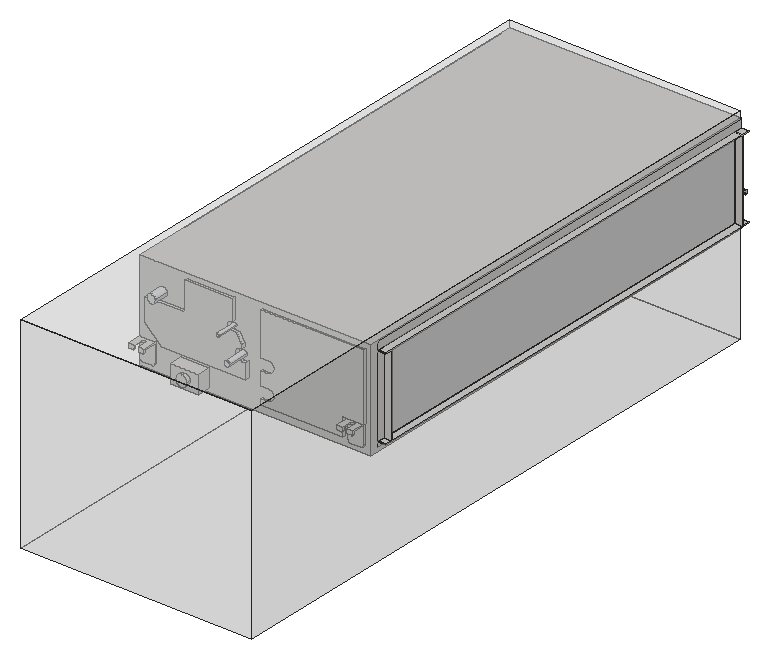
Revit family "outputfile", category 機械設備, Revit 2024
Family settings
  丸型コネクタ寸法 = 半径を使用
  パーツ タイプ = 標準
  OmniClass 番号 = 23.75.10.24.21.27.27
  OmniClass タイトル = Split System Air Conditioning Units
  作業面ベース = いいえ
  常に垂直 = はい
  ロード時にボイドで切り取り = いいえ
  注釈の向きを維持 = いいえ
  共有 = いいえ
  部屋計算ポイント = はい
Parameters (values of type "FXMQ100PAVE")
  Description = ""
  製造元 = "Daikin"
  書き出し IFC クラス(タイプ) = "IfcUnitaryEquipmentType"
  定義済み IFC タイプ(タイプ) = "AIRCONDITIONINGUNIT"
  Cost = 0
  モデル = "FXMQ100PAVE"
  Type Comments = ""
  Keynote = ""
  Type Image = (empty or 0)
  Assembly Code = ""
  r_Liquid Pipe Size = Liquid Pipe Size / 2  # 4.75 mm
  r_Gas Pipe Size = Gas Pipe Size / 2  # 7.95 mm
  r_Drain Pipe Size = Drain Pipe Size / 2  # 12.5 mm
  lw_power = 396.0 mm  # constant formula
  lh_SA = 165.0 mm  # constant formula
  lw_SA = if(Depth = 550.0 mm, 210.0 mm, if(Depth = 700.0 mm, 285.0 mm, if(Depth = 1000.0 mm, 435.0 mm, 635.0 mm)))  # 635.0 mm
  lw_RA = if(Depth = 550.0 mm, 288.0 mm, if(Depth = 700.0 mm, 363.0 mm, if(Depth = 1000.0 mm, 513.0 mm, 713.0 mm)))  # 713.0 mm
  lh_power = 60.0 mm + [h***]  # 60.0 mm
  lh_mountinghole1 = lh_mountinghole + [h***]  # 80.0 mm
  lh_RA = 150.0 mm  # constant formula
  ld_power = Depth / 2  # 700.0 mm
  Voltage_comment_60Hz = "220"
  Voltage_comment_50Hz = "220-240"
  Voltage_60Hz = 220 V
  Voltage_50Hz = 220 V
  URL = ""
  Supply Air Direction [instance] = yes
  Sound Power Level_H speed (dB) = 61
  Phase_60Hz = 1
  Phase_50Hz = 1
  Minimum External Static Pressure = 50.00 Pa
  Minimum Circuit Amps_60Hz = 2.9 A
  Minimum Circuit Amps_50Hz = 2.9 A
  Maximum Fuse Amps_60Hz = 16.0 A
  Maximum Fuse Amps_50Hz = 16.0 A
  Maximum External Static Pressure = 200.00 Pa
  Material_Casing = DAIKIN_GalvanizedSteel_Casing_indoorunit
  lw_mountinghole = 631.0 mm  # constant formula
  lh_gaspipe = 144.0 mm + [h***]  # 144.0 mm
  lh_mountinghole = 80.0 mm  # constant formula
  lh_liquidpipe = 212.0 mm + [h***]  # 212.0 mm
  lh_drainpipe = 232.0 mm + [h***]  # 232.0 mm
  lh_antena = Height - lh_mountinghole + 1.0 mm  # 221.0 mm
  ld_drainpipe = Depth / 2 + 54.0 mm  # 754.0 mm
  ld_liquidpipe = 765.0 mm
  ld_gaspipe = 765.0 mm
  ld_mountinghole = Depth + 38.0 mm  # 1438.0 mm
  h*** = 0.0 mm  # constant formula
  lw_liquidpipe = 290.0 mm  # constant formula
  lw_gaspipe = 318.0 mm  # constant formula
  lw_drainpipe = 80.0 mm  # constant formula
  Width = 700.0 mm
  Version = "ver.1.0"
  Unit Type = "Middle-High Static Pressure Duct Type"
  Unit Mass Weight = 45.00 kg
  Unit Designation [instance] = ""
  Uniclass2015Version = "Products v1.30"
  Uniclass2015Title = "Variable refrigerant flow units"
  Uniclass2015Code = "Pr_70_65_03_94"
  Total Heating Capacity [instance] = 0.000 kW
  Total Cooling Capacity [instance] = 0.000 kW
  Sound Pressure Level_M speed (dBA) = 0
  Sound Pressure Level_L speed (dBA) = 39
  Sound Pressure Level_H speed (dBA) = 43
  Series = "VRV Fan Coil Unit"
  Sensible Cooling Capacity [instance] = 0.000 kW
  SA Duct Size Width = if(Depth = 550.0 mm, 310.0 mm, if(Depth = 700.0 mm, 460.0 mm, if(Depth = 1000.0 mm, 760.0 mm, 1160.0 mm)))  # 1160.0 mm
  SA Duct Size Height = 215.0 mm
  Refrigerant Type = "R410A"
  RA Duct Size Width = if(Depth = 550.0 mm, 475.0 mm, if(Depth = 700.0 mm, 625.0 mm, if(Depth = 1000.0 mm, 925.0 mm, 1325.0 mm)))  # 1325.0 mm
  RA Duct Size Height = 247.0 mm
  Power Input (Heating) = 0.364 kW
  Power Input (Cooling) = 0.376 kW
  Option Accessory 3 [instance] = ""
  Option Accessory 2 [instance] = ""
  Option Accessory 1 [instance] = ""
  Nominal Heating Capacity = 12.500 kW
  Nominal Cooling Capacity = 11.200 kW
  Minimum Airflow = 1380.00 m³/h
  Median Airflow = 1620.00 m³/h
  Maximum Airflow = 1920.00 m³/h
  Load Classification = HVAC
  Liquid Pipe Size = 9.5 mm
  Link_Nested Family [instance] = ""
  IfcVersion = "0"
  IfcExportType = "AIRCONDITIONINGUNIT"
  IfcExportAs = "IfcUnitaryEquipmentType"
  Height = 300.0 mm
  Heating Entering Wet Bulb Temperature [instance] = 0.00 °C
  Heating Entering Dry Bulb Temperature [instance] = 0.00 °C
  Heating Ambient Wet Bulb Temperature [instance] = 0.00 °C
  Heating Ambient Dry Bulb Temperature [instance] = 0.00 °C
  Heat Exchanger Type = "Cross Fin Coil"
  Gas Pipe Size = 15.9 mm
  Frequency_60Hz = 60 Hz
  Frequency_50Hz = 50 Hz
  Fan Type = "Sirocco Fan"
  Fan Drive = "Direct Drive"
  FCU Tag No. [instance] = ""
  Drain Pipe Size = 25.0 mm
  Design Supply Airflow [instance] = 0.00 m³/h
  Design Return Airflow [instance] = 0.00 m³/h
  Design External Static Pressure [instance] = 0.00 Pa
  Depth = 1400.0 mm
  既定の高さ = 0.0 mm
  Cooling Entering Wet Bulb Temperature [instance] = 0.00 °C
  Cooling Entering Dry Bulb Temperature [instance] = 0.00 °C
  Cooling Ambient Wet Bulb Temperature [instance] = 0.00 °C
  Cooling Ambient Dry Bulb Temperature [instance] = 0.00 °C
  Clearance visibility [instance] = yes
  Clearance Top = 20.0 mm
  Clearance Right = 0.0 mm
  Clearance Rear = 0.0 mm
  Clearance Left = 0.0 mm
  Clearance Front = 450.0 mm
  Clearance Bottom = 300.0 mm
Reference planes
  plane 1 "Center (Front/Back)": y = 0
  plane 2 "h": z = 0
  plane 3 "Center (Left/Right)": x = 0
  plane 4 "Back": y = 700
  plane 5 "Front": y = -700
  plane 6 "Left": x = -350
  plane 7 "Reight": x = 350
  plane 8 "Top": z = 0
  plane 9 "Bottom": z = -300
  plane 10: y = -215
  plane 11: y = 700
  plane 12: y = -1150
  plane 13: x = -350
  plane 14: x = 350
  plane 15: z = 20
  plane 16: z = -600
  plane 17: x = -350
  plane 18: z = -135
  plane 19: x = -349
  plane 20: x = 349
  plane 21: y = 65
  plane 22: y = 13
  plane 23: z = -150
  plane 24: y = -710.8
  plane 25: z = -14
  plane 26: z = -219
  plane 27: x = -324
  plane 28: x = -60
  plane 29: x = -20
  plane 30: z = -156
  plane 31: x = -32
  plane 32: z = -88
  plane 33: x = 23
  plane 34: x = 335
  plane 35: z = -15.8
  plane 36: z = -274.8
  plane 37: z = -219.8
  plane 38: x = 271
  plane 39: x = -223.3
  plane 40: x = -138.3
  plane 41: z = -232.7
  plane 42: z = -288.5
  plane 43: y = -741
  plane 44: x = -181
  plane 45: z = -260
  plane 46: y = -751
  plane 47: z = -163.8
  plane 48: z = -239.8
  plane 49: x = 46
  plane 50: z = -88
  plane 51: x = -60
  plane 52: y = -765
  plane 53: z = -156
  plane 54: x = -32
  plane 55: y = -754
  plane 56: z = -68
  plane 57: x = -270
  plane 58: x = -270
  plane 59: x = -60
  plane 60: x = -32
  plane 61: x = 46
  plane 62: x = -323
  plane 63: x = 308
  plane 64: y = -719
  plane 65: y = 719
  plane 66: z = -220
  plane 67: y = -706
  plane 68: x = -204
  plane 69: z = -100.2
  plane 70: x = -374
  plane 71: x = 374
Forms (mm)
  Extrusion 1, solid, material "DAIKIN_GalvanizedSteel_Casing_indoorunit" <- "Material_Casing"
    sketch origin (0, 0, 0) x (1, 0, 0) y (0, 1, 0)
      loop
        line (-349, 700) -> (-349, -700) -> (349, -700) -> (349, 700) -> (-349, 700)
    from -300 to 0
  Extrusion 2, solid, material "DAIKIN_GalvanizedSteel_Casing_indoorunit" <- "Material_Casing"
    sketch origin (0, 0, 0) x (1, 0, 0) y (0, 0, 1)
      loop
        line (-324, -100.2) -> (-324, -168) -> (-273, -219) -> (-20, -219) -> (-20, -173.5) -> (-32, -173.5)
        arc (-32, -173.5) -> (-49.5, -156) -> (-32, -138.5) r 17.5
        line (-32, -138.5) -> (-32, -127.5) -> (-47, -101) -> (-60, -101)
        arc (-60, -101) -> (-73, -88) -> (-60, -75) r 13
        line (-60, -75) -> (-60, -14) -> (-204, -14) -> (-204, -100.2) -> (-324, -100.2)
    from 700 to 710.8
  Extrusion 3, solid, material "DAIKIN_GalvanizedSteel_Casing_indoorunit" <- "Material_Casing"
    sketch origin (0, 0, 0) x (1, 0, 0) y (0, 0, 1)
      loop
        line (23, -274.8) -> (271, -274.8) -> (271, -219.8) -> (335, -219.8) -> (335, -15.8) -> (23, -15.8) -> (23, -146.3) -> (46, -146.3)
        arc (46, -146.3) -> (63.5, -163.8) -> (46, -181.3) r 17.5
        line (46, -181.3) -> (23, -181.3) -> (23, -222.3) -> (46, -222.3)
        arc (46, -222.3) -> (63.5, -239.8) -> (46, -257.3) r 17.5
        line (46, -257.3) -> (23, -257.3) -> (23, -274.8)
    from 700 to 706
  Extrusion 4, solid, material "DAIKIN_GalvanizedSteel_Casing_indoorunit" <- "Material_Casing"
    sketch origin (0, 0, 0) x (1, 0, 0) y (0, 0, 1)
      loop
        line (-223.3, -232.7) -> (-223.3, -288.5) -> (-138.3, -288.5) -> (-138.3, -232.7) -> (-223.3, -232.7)
    from 700 to 741
  Extrusion 5, solid, material "DAIKIN_GalvanizedSteel_Casing_indoorunit" <- "Material_Casing"
    sketch origin (0, 0, 0) x (1, 0, 0) y (0, 0, 1)
      loop
        circle (-181, -260) r 16.5
    from 741 to 751
  Extrusion 6, solid
    sketch origin (0, 0, 0) x (1, 0, 0) y (0, 0, 1)
      loop
        circle (-60, -88) r 4.75
    from 700 to 765
  Extrusion 7, solid
    sketch origin (0, 0, 0) x (1, 0, 0) y (0, 0, 1)
      loop
        circle (-32, -156) r 7.95
    from 700 to 765
  Extrusion 8, solid
    sketch origin (0, 0, 0) x (1, 0, 0) y (0, 0, 1)
      loop
        circle (-270, -68) r 12.5
    from 710.8 to 754
Dimensions and locks
  "Height": plane 8 "Top" to plane 9 "Bottom"
  equal spacing: plane 4 "Back", plane 1 "Center (Front/Back)", plane 5 "Front"
  "Depth": plane 4 "Back" to plane 5 "Front"
  equal spacing: plane 6 "Left", plane 3 "Center (Left/Right)", plane 7 "Reight"
  "Width": plane 6 "Left" to plane 7 "Reight"
  "Clearance Left": plane 13 to plane 6 "Left"
  "Clearance Right": plane 7 "Reight" to plane 14
  "Clearance Rear": plane 11 to plane 4 "Back"
  "Clearance Front": plane 5 "Front" to plane 12
  "Clearance Top": plane 15 to plane 8 "Top"
  "Clearance Bottom": plane 9 "Bottom" to plane 16
  "lh_SA": plane 18 to plane 9 "Bottom"
  locked: plane 17 to plane 19 at 1
  locked: plane 20 to plane 14 at 1
  "lw_SA": plane 11 to plane 21
  "lw_RA": plane 22 to plane 5 "Front"
  "lh_RA": plane 23 to plane 9 "Bottom"
  locked: plane 5 "Front" to plane 24 at 10.8
  plane 29 to plane 28 to plane 27 to plane 6 "Left" = 40.0 mm, 264.0 mm, 26.0 mm
  locked: plane 31 to plane 6 "Left" at 318
  plane 34 to plane 33 to plane 6 "Left" = 312.0 mm locked, 373.0 mm locked
  locked: plane 34 to plane 38 at 64
  locked: plane 37 to plane 36 at 55
  plane 40 to plane 39 to plane 6 "Left" = 85.0 mm locked, 126.7 mm locked
  locked: plane 5 "Front" to plane 43 at 41
  locked: plane 44 to plane 6 "Left" at 169
  locked: plane 43 to plane 46 at 10
  plane 47 to plane 48 to plane 36 = 76.0 mm locked, 35.0 mm locked
  locked: plane 49 to plane 33 at 23
  "lw_liquidpipe": plane 51 to plane 6 "Left"
  "lh_liquidpipe": plane 50 to plane 9 "Bottom"
  "lh_gaspipe": plane 53 to plane 9 "Bottom"
  "lw_gaspipe": plane 54 to plane 6 "Left"
  "ld_gaspipe": plane 52 to plane 1 "Center (Front/Back)"
  "ld_drainpipe": plane 55 to plane 1 "Center (Front/Back)"
  "lh_drainpipe": plane 56 to plane 9 "Bottom"
  "lw_drainpipe": plane 57 to plane 6 "Left"
  "lw_drainpipe": plane 6 "Left" to plane 58
  "lw_liquidpipe": plane 6 "Left" to plane 59
  "lw_gaspipe": plane 6 "Left" to plane 60
  "lw_power": plane 6 "Left" to plane 61
  plane 17 to plane 62 = 27.0 mm
  "lw_mountinghole": plane 62 to plane 63
  equal spacing: plane 64, plane 1 "Center (Front/Back)", plane 65
  "ld_mountinghole": plane 65 to plane 64
  "lh_mountinghole": plane 66 to plane 9 "Bottom"
  plane 8 "Top" to plane 41 to plane 42 = 232.7 mm locked, 55.8 mm locked
  locked: plane 8 "Top" to plane 45 at 260
  plane 8 "Top" to plane 25 to plane 26 = 14.0 mm locked, 205.0 mm locked
  plane 8 "Top" to plane 32 to plane 30 = 88.0 mm locked, 68.0 mm locked
  plane 8 "Top" to plane 35 to plane 36 = 15.8 mm locked, 259.0 mm locked
  locked: plane 5 "Front" to plane 67 at 6
  locked: plane 25 to plane 69 at 86.2
  locked: plane 27 to plane 68 at 120
  locked: plane 70 to plane 6 "Left" at 24
  locked: plane 14 to plane 71 at 24
  "r_Liquid Pipe Size": radius of Extrusion 6 sketch curve
  "r_Gas Pipe Size": radius of Extrusion 7 sketch curve
  "r_Drain Pipe Size": radius of Extrusion 8 sketch curve
  aligned and locked: level to plane 2 "h"
  aligned and locked: plane 8 "Top" to Extrusion 1
  aligned and locked: Extrusion 1 to plane 9 "Bottom"
  aligned and locked: nested 5 to plane 12
  aligned and locked: plane 13 to nested 5
  aligned and locked: plane 14 to nested 5
  aligned and locked: nested 5 to plane 13
  aligned and locked: plane 11 to nested 5
  aligned and locked: plane 15 to nested 5
  aligned and locked: plane 16 to nested 5
  aligned and locked: plane 5 "Front" to Extrusion 1 sketch curve
  aligned and locked: Extrusion 1 to plane 19
  aligned and locked: plane 20 to Extrusion 1
  aligned and locked: nested 7 to plane 19
  aligned and locked: nested 7 to plane 21
  aligned and locked: plane 18 to nested 7
  aligned and locked: plane 20 to nested 8
  aligned and locked: plane 22 to nested 8
  aligned and locked: plane 23 to nested 8
  aligned and locked: Extrusion 2 to plane 24
  aligned and locked: plane 5 "Front" to Extrusion 2
  aligned and locked: plane 36 to Extrusion 3 sketch curve
  aligned and locked: plane 38 to Extrusion 3 sketch curve
  aligned and locked: plane 37 to Extrusion 3 sketch curve
  aligned and locked: Extrusion 3 sketch curve to plane 34
  aligned and locked: Extrusion 3 sketch curve to plane 35
  aligned and locked: Extrusion 3 sketch curve to plane 33
  aligned and locked: plane 5 "Front" to Extrusion 3
  aligned and locked: Extrusion 4 sketch curve to plane 41
  aligned and locked: Extrusion 4 sketch curve to plane 39
  aligned and locked: plane 42 to Extrusion 4 sketch curve
  aligned and locked: plane 40 to Extrusion 4 sketch curve
  aligned and locked: Extrusion 4 to plane 43
  aligned and locked: plane 5 "Front" to Extrusion 4
  aligned and locked: Extrusion 5 sketch curve to plane 44
  aligned and locked: plane 45 to Extrusion 5 sketch curve
  aligned and locked: Extrusion 5 to plane 46
  aligned and locked: plane 43 to Extrusion 5
  aligned and locked: Extrusion 6 sketch curve to plane 51
  aligned and locked: plane 50 to Extrusion 6 sketch curve
  aligned and locked: Extrusion 6 to plane 52
  aligned and locked: plane 5 "Front" to Extrusion 6
  aligned and locked: Extrusion 7 sketch curve to plane 54
  aligned and locked: plane 53 to Extrusion 7 sketch curve
  aligned and locked: Extrusion 7 to Extrusion 6
  aligned and locked: plane 5 "Front" to Extrusion 7
  aligned and locked: Extrusion 8 sketch curve to plane 57
  aligned and locked: plane 56 to Extrusion 8 sketch curve
  aligned and locked: Extrusion 8 to plane 55
  aligned and locked: plane 24 to Extrusion 8
  aligned and locked: nested 3 to plane 55
  aligned and locked: nested 3 to plane 58
  aligned and locked: nested 2 to plane 59
  aligned and locked: nested 2 to plane 52
  aligned and locked: nested 1 to plane 60
  aligned and locked: Extrusion 7 to plane 52
  aligned and locked: nested 1 to plane 52
  aligned and locked: nested 6 to plane 5 "Front"
  aligned and locked: nested 6 to plane 61
  aligned and locked: plane 62 to nested 10
  aligned and locked: nested 10 to plane 5 "Front"
  aligned and locked: plane 63 to nested 9
  aligned and locked: nested 9 to plane 5 "Front"
  aligned and locked: nested 11 to plane 62
  aligned and locked: plane 4 "Back" to nested 11
  aligned and locked: nested 12 to plane 63
  aligned and locked: plane 4 "Back" to nested 12
  aligned and locked: plane 66 to nested 10
  aligned and locked: plane 66 to nested 11
  aligned and locked: plane 66 to nested 9
  aligned and locked: plane 66 to nested 12
  aligned and locked: plane 62 to nested 14
  aligned and locked: nested 14 to plane 65
  aligned and locked: plane 63 to nested 13
  aligned and locked: nested 13 to plane 65
  aligned and locked: plane 63 to nested 16
  aligned and locked: plane 64 to nested 16
  aligned and locked: plane 64 to nested 15
  aligned and locked: plane 62 to nested 15
  aligned and locked: Extrusion 3 to plane 67
  aligned and locked: Extrusion 2 sketch curve to plane 68
  aligned and locked: plane 69 to Extrusion 2 sketch curve
  aligned and locked: nested 17 to plane 21
  aligned and locked: nested 17 to plane 70
  aligned and locked: plane 18 to nested 17
  aligned and locked: plane 22 to nested 18
  aligned and locked: plane 71 to nested 18
  aligned and locked: nested 18 to plane 23
  aligned and locked: nested 4 to plane 3 "Center (Left/Right)"
  aligned and locked: plane 1 "Center (Front/Back)" to nested 4
  aligned and locked: level to plane 8 "Top"
Automatic sketch dimensions
  plane 6 "Left" to Extrusion 1 sketch curve = 1.0 mm
  Extrusion 1 sketch curve to plane 7 "Reight" = 1.0 mm
  Extrusion 1 sketch curve to plane 4 "Back" = 0.0 mm
  Extrusion 3 sketch curve to plane 33 = 0.0 mm  (x2)
  Extrusion 3 sketch curve to plane 47 = 0.0 mm
  Extrusion 3 sketch curve to plane 49 = 0.0 mm  (x4)
  Extrusion 3 sketch curve to plane 48 = 0.0 mm
  Extrusion 3 sketch curve to plane 37 = 2.5 mm
  plane 23 to Extrusion 3 sketch curve = 3.7 mm
  plane 27 to Extrusion 2 sketch curve = 0.0 mm
  Extrusion 2 sketch curve to plane 26 = 0.0 mm
  Extrusion 2 sketch curve to plane 28 = 0.0 mm
  Extrusion 2 sketch curve to plane 31 = 0.0 mm
  Extrusion 2 sketch curve to plane 29 = 0.0 mm
  Extrusion 2 sketch curve to plane 30 = 0.0 mm
  Extrusion 2 sketch curve to plane 32 = 0.0 mm
  Extrusion 2 sketch curve to plane 25 = 0.0 mm
  Extrusion 2 sketch curve to Extrusion 2 sketch curve = 13.0 mm
  Extrusion 2 sketch curve to Extrusion 2 sketch curve = 17.5 mm
  plane 18 to Extrusion 2 sketch curve = 7.5 mm
  Extrusion 2 sketch curve to plane 58 = 3.0 mm
  Extrusion 2 sketch curve to plane 30 = 12.0 mm
  Extrusion 2 sketch curve to Extrusion 2 sketch curve = 0.8 mm
  radius of Extrusion 5 sketch curve = 16.5 mm
Nested families
  nested 1: "daikin_connector_rotate2" at (-32, 0, -156), length <- "ld_gaspipe", built-in parameter 1001364 <- "lh_gaspipe", radius <- "r_Gas Pipe Size", type "daikin_connector_rotate2"
    with radius 7.95 mm, length 765.0 mm, angle_vertical 90.00°
  nested 2: "daikin_connector_rotate2" at (-60, 0, -88), length <- "ld_liquidpipe", built-in parameter 1001364 <- "lh_liquidpipe", radius <- "r_Liquid Pipe Size", type "daikin_connector_rotate2"
    with radius 4.75 mm, length 765.0 mm, angle_vertical 90.00°
  nested 3: "daikin_connector_rotate2" at (-270, 0, -68), length <- "ld_drainpipe", built-in parameter 1001364 <- "lh_drainpipe", radius <- "r_Drain Pipe Size", type "daikin_connector_rotate2"
    with radius 12.5 mm, length 754.0 mm, angle_vertical 90.00°
  nested 4: "daikin_△_symbolicline" at (0, 0, 300) x (0, -1, 0) z (0, 0, 1), built-in parameter 1001364 <- "Height", visible <- "Supply Air Direction", type "daikin_△_symbolicline"
    with length 200.0 mm
  nested 5: "daikin_clearancespace" at (0, -225, -289.881), visible <- "Clearance visibility", show <- "Clearance visibility", Link_Nested Family <- "Link_Nested Family", type "daikin_clearancespace"
    with width 700.0 mm, show yes, height 620.0 mm, depth 1850.0 mm, Link_Nested Family ""
  nested 6: "daikin_connector_rotate2" at (46, 0, -240), built-in parameter 1001364 <- "lh_power", length <- "ld_power", type "daikin_connector_rotate2"
    with radius 10.0 mm, length 700.0 mm, angle_vertical 90.00°
  nested 7: "daikin_ductflange_FXMQ-PAVE2" at (-349, 65, -135) x (0, -1, 0) z (0, 0, 1), type "daikin_ductflange_FXMQ-PAVE2"
    with width 1160.0 mm, w 1400.0 mm
  nested 8: "daikin_ductflange_FXMQ-PAVE" at (349, 13, -150) x (0, 1, 0) z (0, 0, 1), type "daikin_ductflange_FXMQ-PAVE"
    with width 1325.0 mm, w 1400.0 mm
  nested 9: "daikin_hangerfixture_FXMQ-PAVE" at (308, -700, -220), type "daikin_hangerfixture_FXMQ-PAVE"
  nested 10: "daikin_hangerfixture_FXMQ-PAVE" at (-323, -700, -220), type "daikin_hangerfixture_FXMQ-PAVE"
  nested 11: "daikin_hangerfixture_FXMQ-PAVE" at (-323, 700, -220) x (-1, 0, 0) z (0, 0, 1), type "daikin_hangerfixture_FXMQ-PAVE"
  nested 12: "daikin_hangerfixture_FXMQ-PAVE" at (308, 700, -220) x (-1, 0, 0) z (0, 0, 1), type "daikin_hangerfixture_FXMQ-PAVE"
  nested 13: "daikin_mountinghole" at (308, 719, -300), h_mountinghole <- "lh_mountinghole1", l_antenna <- "lh_antena", Link_Nested Family <- "Link_Nested Family", type "daikin_mountinghole"
    with show yes, l_antenna 221.0 mm, h_mountinghole 80.0 mm, Link_Nested Family ""
  nested 14: "daikin_mountinghole" at (-323, 719, -300), h_mountinghole <- "lh_mountinghole1", l_antenna <- "lh_antena", Link_Nested Family <- "Link_Nested Family", type "daikin_mountinghole"
    with show yes, l_antenna 221.0 mm, h_mountinghole 80.0 mm, Link_Nested Family ""
  nested 15: "daikin_mountinghole" at (-323, -719, -300), h_mountinghole <- "lh_mountinghole1", l_antenna <- "lh_antena", Link_Nested Family <- "Link_Nested Family", type "daikin_mountinghole"
    with show yes, l_antenna 221.0 mm, h_mountinghole 80.0 mm, Link_Nested Family ""
  nested 16: "daikin_mountinghole" at (308, -719, -300), h_mountinghole <- "lh_mountinghole1", l_antenna <- "lh_antena", Link_Nested Family <- "Link_Nested Family", type "daikin_mountinghole"
    with show yes, l_antenna 221.0 mm, h_mountinghole 80.0 mm, Link_Nested Family ""
  nested 17: "daikin_connector_rotate2" at (-350, 65, -135) x (0, -1, 0) z (0, 0, 1), type "daikin_connector_rotate2"
    with radius 10.0 mm, length 24.0 mm, angle_vertical 90.00°
  nested 18: "daikin_connector_rotate2" at (350, 13, -150) x (0, 1, 0) z (0, 0, 1), type "daikin_connector_rotate2"
    with radius 10.0 mm, length 24.0 mm, angle_vertical 90.00°
Connectors
  piping at (-270, -754, -68), diameter 25, driven by "r_Drain Pipe Size"
    settings: on nested 3, index 3, connector inside diameter 609.6 mm, connector length 0.0 mm, flow factor 0, pipe flow 0.00 m³/h, pressure drop 0.0 Pa, fitting loss kfactor 0, connector angle 0.00°, fixture units 0, engagement length 0.0 mm, angle of deflection 0.00°, flow configuration 1, flow direction 2, fitting loss method 4, system type 16, joint type 0, gender type 0, connector reference index -1, connector utility 0, adjustable connector no, is connector primary yes, connector description "Condensate Drain Piping"
  piping at (-32, -765, -156), diameter 15.9, driven by "r_Gas Pipe Size"
    settings: on nested 1, index 4, connector inside diameter 609.6 mm, connector length 0.0 mm, flow factor 0, pipe flow 0.00 m³/h, pressure drop 0.0 Pa, fitting loss kfactor 0, connector angle 0.00°, fixture units 0, engagement length 0.0 mm, angle of deflection 0.00°, flow configuration 1, flow direction 2, fitting loss method 0, system type 29, joint type 0, gender type 0, connector reference index -1, connector utility 0, adjustable connector no, is connector primary no, connector description "Refrigerant Gas Piping"
  piping at (-60, -765, -88), diameter 9.5, driven by "r_Liquid Pipe Size"
    settings: on nested 2, index 5, connector inside diameter 609.6 mm, connector length 0.0 mm, flow factor 0, pipe flow 0.00 m³/h, pressure drop 0.0 Pa, fitting loss kfactor 0, connector angle 0.00°, fixture units 0, engagement length 0.0 mm, angle of deflection 0.00°, flow configuration 1, flow direction 1, fitting loss method 0, system type 29, joint type 0, gender type 0, connector reference index -1, connector utility 0, adjustable connector no, is connector primary no, connector description "Refrigerant Liquid Piping"
  electrical at (46, -700, -240), driven by "Load Classification"
    settings: on nested 6, index 6, voltage 0 V, apparent load 0 VA, apparent load phase1 0 VA, apparent load phase2 0 VA, apparent load phase3 0 VA, power factor 1, load classification "HVAC", number of poles 1, system type 30, power factor state 1, is connector primary yes, connector utility no, sub classification motor no, connector description "Power Supply"
  hvac at (-374, 65, -135), driven by "SA Duct Size Height", driven by "SA Duct Size Width"
    settings: on nested 17, index 7, duct flow 0.00 m³/h, flow factor 0, pres drop 0.00 Pa, loss coef 0, conn angle 0.00°, conn width 1160.0 mm, conn height 215.0 mm, conn diameter 609.6 mm, duct sys type 1, conn prof type 1, flow config 0, flow direction 2, loss method 4, conn ref index -1, conn util no, is conn primary yes, conn desc "SA Duct"
  hvac at (374, 13, -150), driven by "RA Duct Size Height", driven by "RA Duct Size Width"
    settings: on nested 18, index 8, duct flow 0.00 m³/h, flow factor 0, pres drop 0.00 Pa, loss coef 0, conn angle 0.00°, conn width 1325.0 mm, conn height 247.0 mm, conn diameter 609.6 mm, duct sys type 2, conn prof type 1, flow config 0, flow direction 1, loss method 4, conn ref index -1, conn util no, is conn primary no, conn desc "RA Duct"
Definition of nested family "daikin_clearancespace"
  Parameters (values of type "daikin_clearancespace")
    width [instance] = 1823.963 mm
    show [instance] = yes
    material = none
    height [instance] = 1359.762 mm
    depth [instance] = 880.0 mm
    Default Elevation = 0.0 mm
    Link_Nested Family [instance] = ""
  Reference planes
    plane 1 "Center (Front/Back)": y = 0
    plane 2 "Center (Elevation)": z = -0.119
    plane 3 "Center (Left/Right)": x = 0
    plane 4: y = 440
    plane 5: y = -440
    plane 6 "Right": x = 911.982
    plane 7 "Left": x = -911.982
    plane 8 "Top": z = 679.762
    plane 9 "Bottom": z = -680
  Forms (mm)
    Extrusion 1, solid, material <- "material", visible <- "show"
      sketch origin (0, 0, 0) x (1, 0, 0) y (0, 1, 0)
        loop
          line (-911.982, 440) -> (-911.982, -440) -> (911.982, -440) -> (911.982, 440) -> (-911.982, 440)
      from -680 to 679.762
  Lines and regions (mm)
    symbolic lines, visible <- "show"
      curve 1: line (911.982, 440, 0) -> (-911.982, 440, 0)
      curve 2: line (-911.982, 440, 0) -> (-911.982, -440, 0)
      curve 3: line (-911.982, -440, 0) -> (911.982, -440, 0)
      curve 4: line (911.982, -440, 0) -> (911.982, 440, 0)
      curve 5: line (911.982, 0, 679.762) -> (-911.982, 0, 679.762)
      curve 6: line (911.982, 0, -680) -> (911.982, 0, 679.762)
      curve 7: line (-911.982, 0, -680) -> (911.982, 0, -680)
      curve 8: line (-911.982, 0, 679.762) -> (-911.982, 0, -680)
      curve 9: line (0, 440, 679.762) -> (0, -440, 679.762)
      curve 10: line (0, -440, 679.762) -> (0, -440, -680)
      curve 11: line (0, 440, -680) -> (0, 440, 679.762)
      curve 12: line (0, -440, -680) -> (0, 440, -680)
  Dimensions and locks
    "width": plane 7 "Left" to plane 6 "Right"
    "depth": plane 4 to plane 5
    "height": plane 8 "Top" to plane 9 "Bottom"
    equal spacing: plane 7 "Left", plane 3 "Center (Left/Right)", plane 6 "Right"
    equal spacing: plane 4, plane 1 "Center (Front/Back)", plane 5
    equal spacing: plane 8 "Top", plane 2 "Center (Elevation)", plane 9 "Bottom"
    aligned and locked: level to plane 2 "Center (Elevation)"
    aligned and locked: Extrusion 1 sketch curve to plane 4
    aligned and locked: plane 7 "Left" to Extrusion 1 sketch curve
    aligned and locked: Extrusion 1 sketch curve to plane 5
    aligned and locked: Extrusion 1 sketch curve to plane 6 "Right"
    aligned and locked: plane 8 "Top" to Extrusion 1
    aligned and locked: curve 1 to Extrusion 1
    aligned and locked: curve 2 to Extrusion 1
    aligned and locked: curve 3 to Extrusion 1
    aligned and locked: curve 4 to Extrusion 1
    aligned and locked: curve 5 to Extrusion 1
    aligned and locked: curve 6 to Extrusion 1
    aligned and locked: curve 7 to Extrusion 1
    aligned and locked: curve 8 to Extrusion 1
    aligned and locked: curve 9 to Extrusion 1
    aligned and locked: curve 10 to Extrusion 1
    aligned and locked: curve 11 to Extrusion 1
    aligned and locked: curve 12 to Extrusion 1
    aligned and locked: Extrusion 1 to plane 9 "Bottom"
Definition of nested family "daikin_ductflange_FXMQ-PAVE2"
  Parameters (values of type "daikin_ductflange_FXDSQ-AVM2")
    width = if(w = 550.0 mm, 310.0 mm, if(w = 700.0 mm, 460.0 mm, if(w = 1000.0 mm, 760.0 mm, 1160.0 mm)))  # 310.0 mm
    material = none
    height = 215.0 mm
    depth = 1.0 mm
    w = 550.0 mm
    Default Elevation = 0.0 mm
  Reference planes
    plane 1 "Center (Front/Back)": y = 0
    plane 2: z = 0
    plane 3 "Center (Left/Right)": x = 0
    plane 4: z = 107.5
    plane 5: z = -107.5
    plane 6: y = -25
    plane 7: z = 132.5
    plane 8: z = 108.5
    plane 9: y = -1
    plane 10: x = -177.5
    plane 11: x = 177.5
    plane 12: z = -132.5
    plane 13: z = -108.5
    plane 14: y = -1
    plane 15: x = 155
    plane 16: x = -155
    plane 17: x = 156
    plane 18: z = 106.5
    plane 19: z = -106.5
    plane 20: x = -156
    plane 21: z = 106.5
    plane 22: z = -106.5
    plane 23: y = -1
  Forms (mm)
    Extrusion 1, solid, material <- "material"
      sketch origin (0, 0, 0) x (0, 1, 0) y (0, 0, 1)
        loop
          line (-25, 107.5) -> (0, 107.5) -> (0, 132.5) -> (-1, 132.5) -> (-1, 108.5) -> (-25, 108.5) -> (-25, 107.5)
      from -177.5 to 177.5
    Extrusion 2, solid, material <- "material"
      sketch origin (0, 0, 0) x (0, 1, 0) y (0, 0, 1)
        loop
          line (-25, -107.5) -> (-25, -108.5) -> (-1, -108.5) -> (-1, -132.5) -> (0, -132.5) -> (0, -107.5) -> (-25, -107.5)
      from -177.5 to 177.5
    Extrusion 3, solid, material <- "material"
      sketch origin (0, 0, 0) x (1, 0, 0) y (0, 0, 1)
        loop
          line (155, 107.5) -> (155, -107.5) -> (177.5, -107.5) -> (177.5, -106.5) -> (156, -106.5) -> (156, 106.5) -> (177.5, 106.5) -> (177.5, 107.5) -> (155, 107.5)
      from 0 to 25
    Extrusion 4, solid, material <- "material"
      sketch origin (0, 0, 0) x (1, 0, 0) y (0, 0, 1)
        loop
          line (-177.5, 107.5) -> (-177.5, 106.5) -> (-156, 106.5) -> (-156, -106.5) -> (-177.5, -106.5) -> (-177.5, -107.5) -> (-155, -107.5) -> (-155, 107.5) -> (-177.5, 107.5)
      from 0 to 25
    Extrusion 5, solid, material <- "material"
      sketch origin (0, 0, 0) x (1, 0, 0) y (0, 0, 1)
        loop
          line (-177.5, 107.5) -> (-177.5, -107.5) -> (-155, -107.5) -> (-155, 107.5) -> (-177.5, 107.5)
        loop
          line (177.5, 107.5) -> (155, 107.5) -> (155, -107.5) -> (177.5, -107.5) -> (177.5, 107.5)
      from 0 to 1
  Cuts and joins
    joined: Extrusion 1, Extrusion 2, Extrusion 3, Extrusion 4, Extrusion 5
  Dimensions and locks
    plane 4 to level to plane 5 = 107.5 mm locked, 107.5 mm locked
    locked: plane 6 to plane 1 "Center (Front/Back)" at 25
    locked: plane 9 to plane 1 "Center (Front/Back)" at 1
    locked: plane 8 to plane 4 at 1
    locked: plane 11 to plane 15 at 22.5
    locked: plane 16 to plane 10 at 22.5
    locked: plane 17 to plane 15 at 1
    locked: plane 4 to plane 18 at 1
    locked: plane 19 to plane 5 at 1
    "width": plane 15 to plane 16
    plane 4 to plane 5 = 215.0 mm
    equal spacing: plane 15, plane 3 "Center (Left/Right)", plane 16
    locked: plane 16 to plane 20 at 1
    locked: plane 4 to plane 21 at 1
    locked: plane 22 to plane 5 at 1
    locked: plane 23 to plane 1 "Center (Front/Back)" at 1
    aligned and locked: level to plane 2
    aligned and locked: Extrusion 1 to plane 10
    aligned and locked: plane 11 to Extrusion 1
    aligned and locked: plane 5 to Extrusion 2
    aligned and locked: Extrusion 2 to plane 1 "Center (Front/Back)"
    aligned and locked: plane 15 to Extrusion 3 sketch curve
    aligned and locked: Extrusion 3 sketch curve to Extrusion 2  (x2)
    aligned and locked: Extrusion 3 sketch curve to plane 11
    aligned and locked: plane 6 to Extrusion 3
    aligned and locked: Extrusion 2 to plane 10
    aligned and locked: plane 11 to Extrusion 2
    aligned and locked: Extrusion 4 sketch curve to Extrusion 1  (x2)
    aligned and locked: plane 5 to Extrusion 4 sketch curve
    aligned and locked: Extrusion 4 sketch curve to plane 16
    aligned and locked: Extrusion 4 sketch curve to plane 22
    aligned and locked: plane 20 to Extrusion 4 sketch curve
    aligned and locked: plane 21 to Extrusion 4 sketch curve
    aligned and locked: Extrusion 4 to plane 1 "Center (Front/Back)"
    aligned and locked: plane 6 to Extrusion 4
    aligned and locked: Extrusion 5 sketch curve to Extrusion 1  (x4)
    aligned and locked: Extrusion 5 sketch curve to Extrusion 4  (x2)
    aligned and locked: Extrusion 5 sketch curve to Extrusion 3  (x2)
    aligned and locked: Extrusion 5 to plane 1 "Center (Front/Back)"
    aligned and locked: plane 23 to Extrusion 5
  Automatic sketch dimensions
    Extrusion 1 sketch curve to plane 6 = 0.0 mm
    Extrusion 1 sketch curve to plane 7 = 0.0 mm
    Extrusion 1 sketch curve to plane 9 = 0.0 mm
    Extrusion 1 sketch curve to plane 1 "Center (Front/Back)" = 0.0 mm
    Extrusion 1 sketch curve to plane 4 = 0.0 mm
    Extrusion 1 sketch curve to plane 8 = 0.0 mm
    Extrusion 2 sketch curve to plane 6 = 0.0 mm
    plane 12 to Extrusion 2 sketch curve = 0.0 mm
    Extrusion 2 sketch curve to plane 14 = 0.0 mm
    Extrusion 2 sketch curve to plane 1 "Center (Front/Back)" = 0.0 mm
    plane 13 to Extrusion 2 sketch curve = 0.0 mm
    Extrusion 2 sketch curve to plane 5 = 0.0 mm
    Extrusion 3 sketch curve to plane 17 = 0.0 mm
    Extrusion 3 sketch curve to plane 19 = 0.0 mm
    Extrusion 3 sketch curve to plane 18 = 0.0 mm
    Extrusion 3 sketch curve to plane 4 = 0.0 mm
    Extrusion 4 sketch curve to plane 10 = 0.0 mm
Definition of nested family "daikin_ductflange_FXMQ-PAVE"
  Parameters (values of type "daikin_ductflange_FXDSQ-AVM")
    width = if(w = 550.0 mm, 475.0 mm, if(w = 700.0 mm, 625.0 mm, if(w = 1000.0 mm, 925.0 mm, 1325.0 mm)))  # 475.0 mm
    material = none
    height = 247.0 mm
    depth = 1.0 mm
    w = 550.0 mm
    Default Elevation = 0.0 mm
  Reference planes
    plane 1 "Center (Front/Back)": y = 0
    plane 2: z = 0
    plane 3 "Center (Left/Right)": x = 0
    plane 4: z = 123.5
    plane 5: z = -123.5
    plane 6: y = -25
    plane 7: z = 146.5
    plane 8: z = 124.5
    plane 9: y = -1
    plane 10: x = -260
    plane 11: x = 260
    plane 12: z = -137
    plane 13: z = -124.5
    plane 14: y = -1
    plane 15: x = 237.5
    plane 16: x = -237.5
    plane 17: x = 238.5
    plane 18: z = 122.5
    plane 19: z = -122.5
    plane 20: x = -238.5
    plane 21: z = 122.5
    plane 22: z = -122.5
    plane 23: y = -1
  Forms (mm)
    Extrusion 1, solid, material <- "material"
      sketch origin (0, 0, 0) x (0, 1, 0) y (0, 0, 1)
        loop
          line (-25, 123.5) -> (0, 123.5) -> (0, 146.5) -> (-1, 146.5) -> (-1, 124.5) -> (-25, 124.5) -> (-25, 123.5)
      from -260 to 260
    Extrusion 2, solid, material <- "material"
      sketch origin (0, 0, 0) x (0, 1, 0) y (0, 0, 1)
        loop
          line (-25, -123.5) -> (-25, -124.5) -> (-1, -124.5) -> (-1, -137) -> (0, -137) -> (0, -123.5) -> (-25, -123.5)
      from -260 to 260
    Extrusion 3, solid, material <- "material"
      sketch origin (0, 0, 0) x (1, 0, 0) y (0, 0, 1)
        loop
          line (237.5, 123.5) -> (237.5, -123.5) -> (260, -123.5) -> (260, -122.5) -> (238.5, -122.5) -> (238.5, 122.5) -> (260, 122.5) -> (260, 123.5) -> (237.5, 123.5)
      from 0 to 25
    Extrusion 4, solid, material <- "material"
      sketch origin (0, 0, 0) x (1, 0, 0) y (0, 0, 1)
        loop
          line (-260, 123.5) -> (-260, 122.5) -> (-238.5, 122.5) -> (-238.5, -122.5) -> (-260, -122.5) -> (-260, -123.5) -> (-237.5, -123.5) -> (-237.5, 123.5) -> (-260, 123.5)
      from 0 to 25
    Extrusion 5, solid, material <- "material"
      sketch origin (0, 0, 0) x (1, 0, 0) y (0, 0, 1)
        loop
          line (-260, 123.5) -> (-260, -123.5) -> (-237.5, -123.5) -> (-237.5, 123.5) -> (-260, 123.5)
        loop
          line (260, 123.5) -> (237.5, 123.5) -> (237.5, -123.5) -> (260, -123.5) -> (260, 123.5)
      from 0 to 1
  Cuts and joins
    joined: Extrusion 1, Extrusion 2, Extrusion 3, Extrusion 4, Extrusion 5
  Dimensions and locks
    plane 4 to level to plane 5 = 123.5 mm, 123.5 mm
    locked: plane 6 to plane 1 "Center (Front/Back)" at 25
    locked: plane 9 to plane 1 "Center (Front/Back)" at 1
    locked: plane 8 to plane 4 at 1
    locked: plane 11 to plane 15 at 22.5
    locked: plane 16 to plane 10 at 22.5
    locked: plane 17 to plane 15 at 1
    locked: plane 4 to plane 18 at 1
    locked: plane 19 to plane 5 at 1
    "width": plane 15 to plane 16
    equal spacing: plane 15, plane 3 "Center (Left/Right)", plane 16
    locked: plane 16 to plane 20 at 1
    locked: plane 4 to plane 21 at 1
    locked: plane 22 to plane 5 at 1
    locked: plane 23 to plane 1 "Center (Front/Back)" at 1
    equal spacing: plane 4, level, plane 5
    locked: plane 7 to plane 4 at 23
    locked: plane 5 to plane 12 at 13.5
    locked: plane 1 "Center (Front/Back)" to plane 14 at 1
    locked: plane 5 to plane 13 at 1
    locked: plane 4 to plane 5 at 247
    aligned and locked: level to plane 2
    aligned and locked: Extrusion 1 to plane 10
    aligned and locked: plane 11 to Extrusion 1
    aligned and locked: plane 5 to Extrusion 2
    aligned and locked: Extrusion 2 to plane 1 "Center (Front/Back)"
    aligned and locked: plane 15 to Extrusion 3 sketch curve
    aligned and locked: Extrusion 3 sketch curve to Extrusion 2  (x2)
    aligned and locked: Extrusion 3 sketch curve to plane 11
    aligned and locked: plane 6 to Extrusion 3
    aligned and locked: Extrusion 2 to plane 10
    aligned and locked: plane 11 to Extrusion 2
    aligned and locked: Extrusion 4 sketch curve to Extrusion 1  (x2)
    aligned and locked: plane 5 to Extrusion 4 sketch curve
    aligned and locked: Extrusion 4 sketch curve to plane 16
    aligned and locked: Extrusion 4 sketch curve to plane 22
    aligned and locked: plane 20 to Extrusion 4 sketch curve
    aligned and locked: plane 21 to Extrusion 4 sketch curve
    aligned and locked: Extrusion 4 to plane 1 "Center (Front/Back)"
    aligned and locked: plane 6 to Extrusion 4
    aligned and locked: Extrusion 5 sketch curve to Extrusion 1  (x4)
    aligned and locked: Extrusion 5 sketch curve to Extrusion 4  (x2)
    aligned and locked: Extrusion 5 sketch curve to Extrusion 3  (x2)
    aligned and locked: Extrusion 5 to plane 1 "Center (Front/Back)"
    aligned and locked: plane 23 to Extrusion 5
  Automatic sketch dimensions
    Extrusion 1 sketch curve to plane 6 = 0.0 mm
    Extrusion 1 sketch curve to plane 7 = 0.0 mm
    Extrusion 1 sketch curve to plane 9 = 0.0 mm
    Extrusion 1 sketch curve to plane 1 "Center (Front/Back)" = 0.0 mm
    Extrusion 1 sketch curve to plane 4 = 0.0 mm
    Extrusion 1 sketch curve to plane 8 = 0.0 mm
    Extrusion 2 sketch curve to plane 6 = 0.0 mm
    plane 12 to Extrusion 2 sketch curve = 0.0 mm
    Extrusion 2 sketch curve to plane 14 = 0.0 mm
    Extrusion 2 sketch curve to plane 1 "Center (Front/Back)" = 0.0 mm
    plane 13 to Extrusion 2 sketch curve = 0.0 mm
    Extrusion 2 sketch curve to plane 5 = 0.0 mm
    Extrusion 3 sketch curve to plane 17 = 0.0 mm
    Extrusion 3 sketch curve to plane 19 = 0.0 mm
    Extrusion 3 sketch curve to plane 18 = 0.0 mm
    Extrusion 3 sketch curve to plane 4 = 0.0 mm
    Extrusion 4 sketch curve to plane 10 = 0.0 mm
Definition of nested family "daikin_hangerfixture_FXMQ-PAVE"
  Parameters (values of type "daikin_hangerfixture_FXMQ-PAVE")
    width = 48.0 mm
    material = none
    height = 65.0 mm
    depth = 45.0 mm
    Default Elevation = 0.0 mm
  Reference planes
    plane 1 "Center (Front/Back)": y = 0
    plane 2: z = 0
    plane 3 "Center (Left/Right)": x = 0
    plane 4: y = 417.146
    plane 5: y = -45
    plane 6: x = -24
    plane 7: x = 24
    plane 8: z = -2.3
    plane 9: z = -65
    plane 10: y = -2.3
    plane 11: z = -12
    plane 12: y = -42.7
  Forms (mm)
    Extrusion 1, solid, material <- "material"
      sketch origin (0, 0, 0) x (1, 0, 0) y (0, 1, 0)
        loop
          line (24, 0) -> (-24, 0) -> (-24, -45) -> (-6, -45) -> (-6, -19)
          arc (-6, -19) -> (0, -13) -> (6, -19) r 6
          line (6, -19) -> (6, -45) -> (24, -45) -> (24, 0)
      from 0 to -2.3
    Extrusion 2, solid, material <- "material"
      sketch origin (0, 0, 0) x (1, 0, 0) y (0, 0, 1)
        loop
          line (24, -55) -> (24, 0) -> (-24, 0) -> (-24, -55)
          arc (-24, -55) -> (-21.071, -62.071) -> (-14, -65) r 10
          line (-14, -65) -> (14, -65)
          arc (14, -65) -> (21.071, -62.071) -> (24, -55) r 10
      from 0 to 2.3
    Extrusion 3, solid, material <- "material"
      sketch origin (0, 0, 0) x (1, 0, 0) y (0, 0, 1)
        loop
          line (-6, -9) -> (-6, 0) -> (-24, 0) -> (-24, -9)
          arc (-24, -9) -> (-23.121, -11.121) -> (-21, -12) r 3
          line (-21, -12) -> (-9, -12)
          arc (-9, -12) -> (-6.879, -11.121) -> (-6, -9) r 3
        loop
          line (6, 0) -> (6, -9)
          arc (6, -9) -> (6.879, -11.121) -> (9, -12) r 3
          line (9, -12) -> (21, -12)
          arc (21, -12) -> (23.121, -11.121) -> (24, -9) r 3
          line (24, -9) -> (24, 0) -> (6, 0)
      from 42.7 to 45
  Cuts and joins
    joined: Extrusion 1, Extrusion 2, Extrusion 3
  Dimensions and locks
    "width": plane 6 to plane 7
    "depth": plane 5 to plane 1 "Center (Front/Back)"
    plane 2 to plane 8 = 2.3 mm
    "height": plane 2 to plane 9
    locked: plane 10 to plane 1 "Center (Front/Back)" at 2.3
    locked: plane 2 to plane 11 at 12
    locked: plane 12 to plane 5 at 2.3
    aligned and locked: level to plane 2
    aligned and locked: Extrusion 1 sketch curve to plane 1 "Center (Front/Back)"
    aligned and locked: plane 7 to Extrusion 1
    aligned and locked: Extrusion 1 to plane 6
    aligned and locked: Extrusion 1 to plane 5  (x2)
    aligned and locked: Extrusion 1 to plane 8
    aligned and locked: plane 2 to Extrusion 1
    aligned and locked: plane 2 to Extrusion 2 sketch curve
    aligned and locked: Extrusion 2 to plane 9
    aligned and locked: Extrusion 2 to plane 10
    aligned and locked: Extrusion 2 to plane 1 "Center (Front/Back)"
    aligned and locked: plane 2 to Extrusion 3 sketch curve  (x2)
    aligned and locked: Extrusion 3 to plane 11  (x2)
    aligned and locked: plane 12 to Extrusion 3
    aligned and locked: Extrusion 3 to plane 5
  Automatic sketch dimensions
    Extrusion 1 sketch curve to plane 6 = 0.0 mm
    Extrusion 1 sketch curve to plane 5 = 0.0 mm  (x2)
    Extrusion 1 sketch curve to plane 3 "Center (Left/Right)" = 0.0 mm
    Extrusion 1 sketch curve to plane 7 = 0.0 mm
    Extrusion 1 sketch curve to plane 3 "Center (Left/Right)" = 6.0 mm
    plane 1 "Center (Front/Back)" to Extrusion 1 sketch curve = 19.0 mm
    Extrusion 2 sketch curve to plane 7 = 0.0 mm
    Extrusion 2 sketch curve to plane 7 = 10.0 mm
    Extrusion 2 sketch curve to plane 8 = 52.7 mm
    plane 6 to Extrusion 2 sketch curve = 10.0 mm
    Extrusion 2 sketch curve to plane 6 = 0.0 mm
    Extrusion 3 sketch curve to plane 6 = 0.0 mm
    Extrusion 3 sketch curve to plane 7 = 0.0 mm
    Extrusion 3 sketch curve to Extrusion 3 sketch curve = 3.0 mm  (x2)
    Extrusion 3 sketch curve to plane 8 = 6.7 mm
    Extrusion 3 sketch curve to plane 3 "Center (Left/Right)" = 9.0 mm
    Extrusion 3 sketch curve to plane 3 "Center (Left/Right)" = 6.0 mm
    plane 3 "Center (Left/Right)" to Extrusion 3 sketch curve = 6.0 mm
    Extrusion 3 sketch curve to plane 7 = 3.0 mm
    Extrusion 3 sketch curve to plane 8 = 9.7 mm
Definition of nested family "daikin_connector_rotate2"
  Parameters (values of type "daikin_connector_rotate2")
    Default Elevation = 1219.2 mm
    show_face = no
    radius [instance] = 10.0 mm
    length [instance] = 600.0 mm
    d_surface = 10.0 mm
    angle_vertical [instance] = 90.00°
  Reference planes
    plane 1 "Center (Front/Back)": y = 0
    plane 2: z = 0
    plane 3 "Center (Left/Right)": x = 0
  Forms (mm)
    Extrusion 1, solid, visible <- "show_face"
      sketch origin (0, -600, 0) x (1, 0, 0) y (0, 0, 1)
        loop
          circle (0, 0) r 10
      from 0 to -10
  Lines and regions (mm)
    reference lines
      curve 1: line (0, 0, 0) -> (0, -600, 0)
    symbolic lines
      curve 2: circle (0, 0, 0) r 5 normal (0, 0, 1)
    model lines, visible <- "show_face"
      curve 3: line (0, 0, 0) -> (0, -600, 0)
  Dimensions and locks
    "length": curve 1 to curve 1
    "length": curve 3 to curve 3
    "d_surface": Extrusion 1 to Extrusion 1
    "radius": radius of Extrusion 1 sketch curve
    "angle_vertical": angle curve 1 to plane 1 "Center (Front/Back)"
    "angle_vertical": angle curve 3 to plane 1 "Center (Front/Back)"
    aligned and locked: level to plane 2
    aligned and locked: plane 1 "Center (Front/Back)" to curve 1
    aligned and locked: plane 2 to curve 1
    aligned and locked: plane 1 "Center (Front/Back)" to curve 2
    aligned and locked: plane 3 "Center (Left/Right)" to curve 2
    aligned and locked: plane 1 "Center (Front/Back)" to curve 3
    aligned and locked: plane 2 to curve 3
    aligned and locked: Extrusion 1 to Extrusion 1
  Automatic sketch dimensions
    Extrusion 1 sketch curve to level = 0.0 mm
    Extrusion 1 sketch curve to plane 3 "Center (Left/Right)" = 0.0 mm
    radius of curve 2 = 5.0 mm
Definition of nested family "daikin_△_symbolicline"
  Parameters (values of type "daikin_△_symbolicline")
    length [instance] = 200.0 mm
    Default Elevation = 0.0 mm
  Reference planes
    plane 1 "Center (Front/Back)": y = 0
    plane 2: z = 0
    plane 3 "Center (Left/Right)": x = 0
  Lines and regions (mm)
    symbolic lines
      curve 1: line (0, -173.205, 0) -> (100, 0, 0)
      curve 2: line (100, 0, 0) -> (-100, 0, 0)
      curve 3: line (-100, 0, 0) -> (0, -173.205, 0)
  Dimensions and locks
    equal spacing: curve 3, plane 3 "Center (Left/Right)", curve 2
    "length": curve 3 to curve 2
    "length": curve 3 to curve 3
    "length": curve 1 to curve 1
    aligned and locked: level to plane 2
    aligned and locked: curve 2 to plane 1 "Center (Front/Back)"
    aligned and locked: plane 3 "Center (Left/Right)" to curve 3
Definition of nested family "daikin_mountinghole"
  Parameters (values of type "daikin_mountinghole")
    Default Elevation = 1219.2 mm
    Type Comments = "mountinghole"
    show [instance] = yes
    material = none
    l_centerline = 100.0 mm
    l_antenna [instance] = 100.0 mm
    h_mountinghole [instance] = 0.0 mm
    d_circle = 30.0 mm
    Link_Nested Family [instance] = ""
  Reference planes
    plane 1 "Center (Front/Back)": y = 0
    plane 2: z = 0
    plane 3 "Center (Left/Right)": x = 0
    plane 4: y = 50
    plane 5: x = -50
    plane 6: x = 50
    plane 7: y = -50
    plane 8 "h_mountinghole": z = 0
    plane 9: z = 100
  Lines and regions (mm)
    model lines, detail levels fine
      curve 1: circle (0, 0, 0) r 15 normal (0, 0, 1)
      curve 2: line (-50, 0, 0) -> (50, 0, 0)
      curve 3: line (0, 50, 0) -> (0, -50, 0)
    symbolic lines, detail levels fine
      curve 4: circle (0, 0, 0) r 15 normal (0, 0, 1)
      curve 5: line (-50, 0, 0) -> (50, 0, 0)
      curve 6: line (0, 50, 0) -> (0, -50, 0)
    model lines
      curve 7: line (0, 0, 100) -> (0, 0, 0)
  Dimensions and locks
    equal spacing: plane 4, plane 1 "Center (Front/Back)", plane 7
    "l_centerline": plane 4 to plane 7
    equal spacing: plane 5, plane 3 "Center (Left/Right)", plane 6
    "l_centerline": plane 5 to plane 6
    "l_antenna": plane 9 to plane 8 "h_mountinghole"
    "h_mountinghole": plane 8 "h_mountinghole" to plane 2
    "d_circle": diameter of curve 1
    "d_circle": diameter of curve 4
    aligned and locked: level to plane 2
    aligned and locked: plane 1 "Center (Front/Back)" to curve 1
    aligned and locked: plane 3 "Center (Left/Right)" to curve 1
    aligned and locked: plane 1 "Center (Front/Back)" to curve 2
    aligned and locked: curve 3 to plane 3 "Center (Left/Right)"
    aligned and locked: plane 6 to curve 2
    aligned and locked: plane 5 to curve 2
    aligned and locked: plane 4 to curve 3
    aligned and locked: plane 7 to curve 3
    aligned and locked: plane 1 "Center (Front/Back)" to curve 4
    aligned and locked: plane 3 "Center (Left/Right)" to curve 4
    aligned and locked: plane 6 to curve 5
    aligned and locked: plane 5 to curve 5
    aligned and locked: plane 1 "Center (Front/Back)" to curve 5
    aligned and locked: plane 4 to curve 6
    aligned and locked: plane 7 to curve 6
    aligned and locked: curve 6 to plane 3 "Center (Left/Right)"
    aligned and locked: curve 7 to plane 3 "Center (Left/Right)"
    aligned and locked: plane 9 to curve 7
    aligned and locked: plane 8 "h_mountinghole" to curve 7
